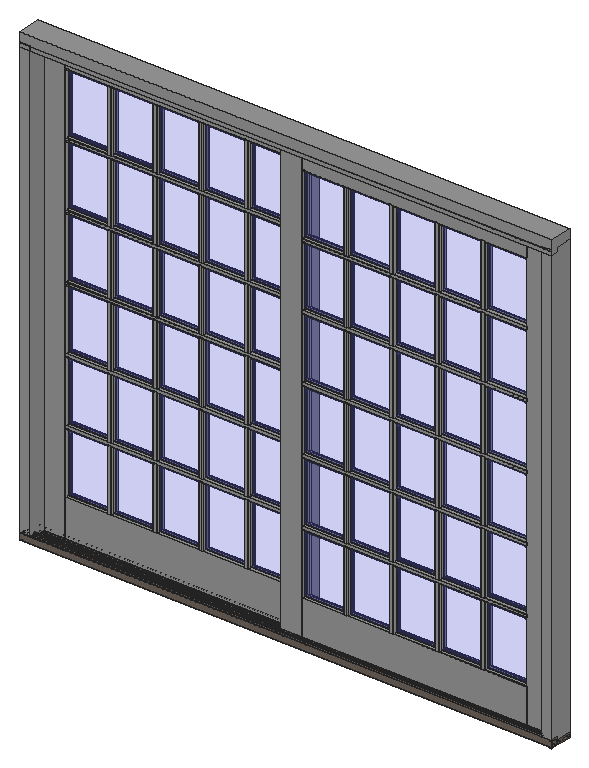
Revit family "VSDA2.4SP LH", category Doors, host Wall, Revit 2015 (continued)
Forms (mm)
  Sweep 61, solid, material "Lauan, Meranti"
    path origin (359.905, -121.5, -1375.763) x (1, 0, 0) y (0, 0, 1)
      loop
        line (315.695, 2740.763) -> (315.695, 2456.763) -> (513.395, 2456.763) -> (513.395, 2740.763) -> (315.695, 2740.763)
    profile origin (774.45, -121.5, 1365) x (0, 0, 1) y (0, -1, 0)
      loop
        line (-9, -124.5) -> (-9, -126.5) -> (-7, -126.5)
        arc (-7, -126.5) -> (-4.67, -130.866) -> (0, -132.5) r 6.807
        line (0, -132.5) -> (0, -124.5) -> (-9, -124.5)
  Sweep 62, solid, material "Lauan, Meranti"
    path origin (149.205, -121.5, -1375.763) x (1, 0, 0) y (0, 0, 1)
      loop
        line (315.695, 2740.763) -> (315.695, 2456.763) -> (513.395, 2456.763) -> (513.395, 2740.763) -> (315.695, 2740.763)
    profile origin (563.75, -121.5, 1365) x (0, 0, 1) y (0, -1, 0)
      loop
        line (-9, -124.5) -> (-9, -126.5) -> (-7, -126.5)
        arc (-7, -126.5) -> (-4.67, -130.866) -> (0, -132.5) r 6.807
        line (0, -132.5) -> (0, -124.5) -> (-9, -124.5)
  Sweep 63, solid, material "Lauan, Meranti"
    path origin (-61.495, -121.5, -1375.763) x (1, 0, 0) y (0, 0, 1)
      loop
        line (315.695, 2740.763) -> (315.695, 2456.763) -> (513.395, 2456.763) -> (513.395, 2740.763) -> (315.695, 2740.763)
    profile origin (353.05, -121.5, 1365) x (0, 0, 1) y (0, -1, 0)
      loop
        line (-9, -124.5) -> (-9, -126.5) -> (-7, -126.5)
        arc (-7, -126.5) -> (-4.67, -130.866) -> (0, -132.5) r 6.807
        line (0, -132.5) -> (0, -124.5) -> (-9, -124.5)
  Sweep 64, solid, material "Lauan, Meranti"
    path origin (-272.195, -121.5, -1375.763) x (1, 0, 0) y (0, 0, 1)
      loop
        line (315.695, 2740.763) -> (315.695, 2456.763) -> (513.395, 2456.763) -> (513.395, 2740.763) -> (315.695, 2740.763)
    profile origin (142.35, -121.5, 1365) x (0, 0, 1) y (0, -1, 0)
      loop
        line (-9, -124.5) -> (-9, -126.5) -> (-7, -126.5)
        arc (-7, -126.5) -> (-4.67, -130.866) -> (0, -132.5) r 6.807
        line (0, -132.5) -> (0, -124.5) -> (-9, -124.5)
  Sweep 65, solid, material "Lauan, Meranti"
    path origin (570.605, -121.5, -1672.763) x (1, 0, 0) y (0, 0, 1)
      loop
        line (315.695, 2740.763) -> (315.695, 2456.763) -> (513.395, 2456.763) -> (513.395, 2740.763) -> (315.695, 2740.763)
    profile origin (985.15, -121.5, 1068) x (0, 0, 1) y (0, -1, 0)
      loop
        line (-9, -124.5) -> (-9, -126.5) -> (-7, -126.5)
        arc (-7, -126.5) -> (-4.67, -130.866) -> (0, -132.5) r 6.807
        line (0, -132.5) -> (0, -124.5) -> (-9, -124.5)
  Extrusion 66, solid, material "Lauan, Meranti"
    sketch origin (315, -46.5, -891) x (1, 0, 0) y (0, 1, 0)
      loop
        line (558.3, 31) -> (571.3, 31) -> (571.3, 33)
        arc (571.3, 33) -> (575.97, 34.634) -> (578.3, 39) r 6.807
        line (578.3, 39) -> (580.3, 39) -> (580.3, 41) -> (571.3, 41) -> (571.3, 71) -> (558.3, 71) -> (558.3, 41) -> (549.3, 41) -> (549.3, 39) -> (551.3, 39)
        arc (551.3, 39) -> (553.63, 34.634) -> (558.3, 33) r 6.807
        line (558.3, 33) -> (558.3, 31)
      loop
        line (347.6, 31) -> (360.6, 31) -> (360.6, 33)
        arc (360.6, 33) -> (365.27, 34.634) -> (367.6, 39) r 6.807
        line (367.6, 39) -> (369.6, 39) -> (369.6, 41) -> (360.6, 41) -> (360.6, 71) -> (347.6, 71) -> (347.6, 41) -> (338.6, 41) -> (338.6, 39) -> (340.6, 39)
        arc (340.6, 39) -> (342.93, 34.634) -> (347.6, 33) r 6.807
        line (347.6, 33) -> (347.6, 31)
      loop
        line (136.9, 31) -> (149.9, 31) -> (149.9, 33)
        arc (149.9, 33) -> (154.57, 34.634) -> (156.9, 39) r 6.807
        line (156.9, 39) -> (158.9, 39) -> (158.9, 41) -> (149.9, 41) -> (149.9, 71) -> (136.9, 71) -> (136.9, 41) -> (127.9, 41) -> (127.9, 39) -> (129.9, 39)
        arc (129.9, 39) -> (132.23, 34.634) -> (136.9, 33) r 6.807
        line (136.9, 33) -> (136.9, 31)
      loop
        line (-73.8, 31) -> (-60.8, 31) -> (-60.8, 33)
        arc (-60.8, 33) -> (-56.13, 34.634) -> (-53.8, 39) r 6.807
        line (-53.8, 39) -> (-51.8, 39) -> (-51.8, 41) -> (-60.8, 41) -> (-60.8, 71) -> (-73.8, 71) -> (-73.8, 41) -> (-82.8, 41) -> (-82.8, 39) -> (-80.8, 39)
        arc (-80.8, 39) -> (-78.47, 34.634) -> (-73.8, 33) r 6.807
        line (-73.8, 33) -> (-73.8, 31)
    from 1675 to 1959
  Sweep 67, solid, material "Lauan, Meranti"
    path origin (359.905, -121.5, -1672.763) x (1, 0, 0) y (0, 0, 1)
      loop
        line (315.695, 2740.763) -> (315.695, 2456.763) -> (513.395, 2456.763) -> (513.395, 2740.763) -> (315.695, 2740.763)
    profile origin (774.45, -121.5, 1068) x (0, 0, 1) y (0, -1, 0)
      loop
        line (-9, -124.5) -> (-9, -126.5) -> (-7, -126.5)
        arc (-7, -126.5) -> (-4.67, -130.866) -> (0, -132.5) r 6.807
        line (0, -132.5) -> (0, -124.5) -> (-9, -124.5)
  Sweep 68, solid, material "Lauan, Meranti"
    path origin (149.205, -121.5, -1672.763) x (1, 0, 0) y (0, 0, 1)
      loop
        line (315.695, 2740.763) -> (315.695, 2456.763) -> (513.395, 2456.763) -> (513.395, 2740.763) -> (315.695, 2740.763)
    profile origin (563.75, -121.5, 1068) x (0, 0, 1) y (0, -1, 0)
      loop
        line (-9, -124.5) -> (-9, -126.5) -> (-7, -126.5)
        arc (-7, -126.5) -> (-4.67, -130.866) -> (0, -132.5) r 6.807
        line (0, -132.5) -> (0, -124.5) -> (-9, -124.5)
  Sweep 69, solid, material "Lauan, Meranti"
    path origin (-61.495, -121.5, -1672.763) x (1, 0, 0) y (0, 0, 1)
      loop
        line (315.695, 2740.763) -> (315.695, 2456.763) -> (513.395, 2456.763) -> (513.395, 2740.763) -> (315.695, 2740.763)
    profile origin (353.05, -121.5, 1068) x (0, 0, 1) y (0, -1, 0)
      loop
        line (-9, -124.5) -> (-9, -126.5) -> (-7, -126.5)
        arc (-7, -126.5) -> (-4.67, -130.866) -> (0, -132.5) r 6.807
        line (0, -132.5) -> (0, -124.5) -> (-9, -124.5)
  Sweep 70, solid, material "Lauan, Meranti"
    path origin (-272.195, -121.5, -1672.763) x (1, 0, 0) y (0, 0, 1)
      loop
        line (315.695, 2740.763) -> (315.695, 2456.763) -> (513.395, 2456.763) -> (513.395, 2740.763) -> (315.695, 2740.763)
    profile origin (142.35, -121.5, 1068) x (0, 0, 1) y (0, -1, 0)
      loop
        line (-9, -124.5) -> (-9, -126.5) -> (-7, -126.5)
        arc (-7, -126.5) -> (-4.67, -130.866) -> (0, -132.5) r 6.807
        line (0, -132.5) -> (0, -124.5) -> (-9, -124.5)
  Sweep 71, solid, material "Lauan, Meranti"
    path origin (570.605, -121.5, -1969.763) x (1, 0, 0) y (0, 0, 1)
      loop
        line (315.695, 2740.763) -> (315.695, 2456.763) -> (513.395, 2456.763) -> (513.395, 2740.763) -> (315.695, 2740.763)
    profile origin (985.15, -121.5, 771) x (0, 0, 1) y (0, -1, 0)
      loop
        line (-9, -124.5) -> (-9, -126.5) -> (-7, -126.5)
        arc (-7, -126.5) -> (-4.67, -130.866) -> (0, -132.5) r 6.807
        line (0, -132.5) -> (0, -124.5) -> (-9, -124.5)
  Extrusion 72, solid, material "Lauan, Meranti"
    sketch origin (315, -46.5, -1188) x (1, 0, 0) y (0, 1, 0)
      loop
        line (558.3, 31) -> (571.3, 31) -> (571.3, 33)
        arc (571.3, 33) -> (575.97, 34.634) -> (578.3, 39) r 6.807
        line (578.3, 39) -> (580.3, 39) -> (580.3, 41) -> (571.3, 41) -> (571.3, 71) -> (558.3, 71) -> (558.3, 41) -> (549.3, 41) -> (549.3, 39) -> (551.3, 39)
        arc (551.3, 39) -> (553.63, 34.634) -> (558.3, 33) r 6.807
        line (558.3, 33) -> (558.3, 31)
      loop
        line (347.6, 31) -> (360.6, 31) -> (360.6, 33)
        arc (360.6, 33) -> (365.27, 34.634) -> (367.6, 39) r 6.807
        line (367.6, 39) -> (369.6, 39) -> (369.6, 41) -> (360.6, 41) -> (360.6, 71) -> (347.6, 71) -> (347.6, 41) -> (338.6, 41) -> (338.6, 39) -> (340.6, 39)
        arc (340.6, 39) -> (342.93, 34.634) -> (347.6, 33) r 6.807
        line (347.6, 33) -> (347.6, 31)
      loop
        line (136.9, 31) -> (149.9, 31) -> (149.9, 33)
        arc (149.9, 33) -> (154.57, 34.634) -> (156.9, 39) r 6.807
        line (156.9, 39) -> (158.9, 39) -> (158.9, 41) -> (149.9, 41) -> (149.9, 71) -> (136.9, 71) -> (136.9, 41) -> (127.9, 41) -> (127.9, 39) -> (129.9, 39)
        arc (129.9, 39) -> (132.23, 34.634) -> (136.9, 33) r 6.807
        line (136.9, 33) -> (136.9, 31)
      loop
        line (-73.8, 31) -> (-60.8, 31) -> (-60.8, 33)
        arc (-60.8, 33) -> (-56.13, 34.634) -> (-53.8, 39) r 6.807
        line (-53.8, 39) -> (-51.8, 39) -> (-51.8, 41) -> (-60.8, 41) -> (-60.8, 71) -> (-73.8, 71) -> (-73.8, 41) -> (-82.8, 41) -> (-82.8, 39) -> (-80.8, 39)
        arc (-80.8, 39) -> (-78.47, 34.634) -> (-73.8, 33) r 6.807
        line (-73.8, 33) -> (-73.8, 31)
    from 1675 to 1959
  Sweep 73, solid, material "Lauan, Meranti"
    path origin (359.905, -121.5, -1969.763) x (1, 0, 0) y (0, 0, 1)
      loop
        line (315.695, 2740.763) -> (315.695, 2456.763) -> (513.395, 2456.763) -> (513.395, 2740.763) -> (315.695, 2740.763)
    profile origin (774.45, -121.5, 771) x (0, 0, 1) y (0, -1, 0)
      loop
        line (-9, -124.5) -> (-9, -126.5) -> (-7, -126.5)
        arc (-7, -126.5) -> (-4.67, -130.866) -> (0, -132.5) r 6.807
        line (0, -132.5) -> (0, -124.5) -> (-9, -124.5)
  Sweep 74, solid, material "Lauan, Meranti"
    path origin (149.205, -121.5, -1969.763) x (1, 0, 0) y (0, 0, 1)
      loop
        line (315.695, 2740.763) -> (315.695, 2456.763) -> (513.395, 2456.763) -> (513.395, 2740.763) -> (315.695, 2740.763)
    profile origin (563.75, -121.5, 771) x (0, 0, 1) y (0, -1, 0)
      loop
        line (-9, -124.5) -> (-9, -126.5) -> (-7, -126.5)
        arc (-7, -126.5) -> (-4.67, -130.866) -> (0, -132.5) r 6.807
        line (0, -132.5) -> (0, -124.5) -> (-9, -124.5)
  Sweep 75, solid, material "Lauan, Meranti"
    path origin (-61.495, -121.5, -1969.763) x (1, 0, 0) y (0, 0, 1)
      loop
        line (315.695, 2740.763) -> (315.695, 2456.763) -> (513.395, 2456.763) -> (513.395, 2740.763) -> (315.695, 2740.763)
    profile origin (353.05, -121.5, 771) x (0, 0, 1) y (0, -1, 0)
      loop
        line (-9, -124.5) -> (-9, -126.5) -> (-7, -126.5)
        arc (-7, -126.5) -> (-4.67, -130.866) -> (0, -132.5) r 6.807
        line (0, -132.5) -> (0, -124.5) -> (-9, -124.5)
  Sweep 76, solid, material "Lauan, Meranti"
    path origin (-272.195, -121.5, -1969.763) x (1, 0, 0) y (0, 0, 1)
      loop
        line (315.695, 2740.763) -> (315.695, 2456.763) -> (513.395, 2456.763) -> (513.395, 2740.763) -> (315.695, 2740.763)
    profile origin (142.35, -121.5, 771) x (0, 0, 1) y (0, -1, 0)
      loop
        line (-9, -124.5) -> (-9, -126.5) -> (-7, -126.5)
        arc (-7, -126.5) -> (-4.67, -130.866) -> (0, -132.5) r 6.807
        line (0, -132.5) -> (0, -124.5) -> (-9, -124.5)
  Sweep 77, solid, material "Lauan, Meranti"
    path origin (570.605, -121.5, -2266.763) x (1, 0, 0) y (0, 0, 1)
      loop
        line (315.695, 2740.763) -> (315.695, 2456.763) -> (513.395, 2456.763) -> (513.395, 2740.763) -> (315.695, 2740.763)
    profile origin (985.15, -121.5, 474) x (0, 0, 1) y (0, -1, 0)
      loop
        line (-9, -124.5) -> (-9, -126.5) -> (-7, -126.5)
        arc (-7, -126.5) -> (-4.67, -130.866) -> (0, -132.5) r 6.807
        line (0, -132.5) -> (0, -124.5) -> (-9, -124.5)
  Extrusion 78, solid, material "Lauan, Meranti"
    sketch origin (315, -46.5, -1485) x (1, 0, 0) y (0, 1, 0)
      loop
        line (558.3, 31) -> (571.3, 31) -> (571.3, 33)
        arc (571.3, 33) -> (575.97, 34.634) -> (578.3, 39) r 6.807
        line (578.3, 39) -> (580.3, 39) -> (580.3, 41) -> (571.3, 41) -> (571.3, 71) -> (558.3, 71) -> (558.3, 41) -> (549.3, 41) -> (549.3, 39) -> (551.3, 39)
        arc (551.3, 39) -> (553.63, 34.634) -> (558.3, 33) r 6.807
        line (558.3, 33) -> (558.3, 31)
      loop
        line (347.6, 31) -> (360.6, 31) -> (360.6, 33)
        arc (360.6, 33) -> (365.27, 34.634) -> (367.6, 39) r 6.807
        line (367.6, 39) -> (369.6, 39) -> (369.6, 41) -> (360.6, 41) -> (360.6, 71) -> (347.6, 71) -> (347.6, 41) -> (338.6, 41) -> (338.6, 39) -> (340.6, 39)
        arc (340.6, 39) -> (342.93, 34.634) -> (347.6, 33) r 6.807
        line (347.6, 33) -> (347.6, 31)
      loop
        line (136.9, 31) -> (149.9, 31) -> (149.9, 33)
        arc (149.9, 33) -> (154.57, 34.634) -> (156.9, 39) r 6.807
        line (156.9, 39) -> (158.9, 39) -> (158.9, 41) -> (149.9, 41) -> (149.9, 71) -> (136.9, 71) -> (136.9, 41) -> (127.9, 41) -> (127.9, 39) -> (129.9, 39)
        arc (129.9, 39) -> (132.23, 34.634) -> (136.9, 33) r 6.807
        line (136.9, 33) -> (136.9, 31)
      loop
        line (-73.8, 31) -> (-60.8, 31) -> (-60.8, 33)
        arc (-60.8, 33) -> (-56.13, 34.634) -> (-53.8, 39) r 6.807
        line (-53.8, 39) -> (-51.8, 39) -> (-51.8, 41) -> (-60.8, 41) -> (-60.8, 71) -> (-73.8, 71) -> (-73.8, 41) -> (-82.8, 41) -> (-82.8, 39) -> (-80.8, 39)
        arc (-80.8, 39) -> (-78.47, 34.634) -> (-73.8, 33) r 6.807
        line (-73.8, 33) -> (-73.8, 31)
    from 1675 to 1959
  Sweep 79, solid, material "Lauan, Meranti"
    path origin (359.905, -121.5, -2266.763) x (1, 0, 0) y (0, 0, 1)
      loop
        line (315.695, 2740.763) -> (315.695, 2456.763) -> (513.395, 2456.763) -> (513.395, 2740.763) -> (315.695, 2740.763)
    profile origin (774.45, -121.5, 474) x (0, 0, 1) y (0, -1, 0)
      loop
        line (-9, -124.5) -> (-9, -126.5) -> (-7, -126.5)
        arc (-7, -126.5) -> (-4.67, -130.866) -> (0, -132.5) r 6.807
        line (0, -132.5) -> (0, -124.5) -> (-9, -124.5)
  Sweep 80, solid, material "Lauan, Meranti"
    path origin (149.205, -121.5, -2266.763) x (1, 0, 0) y (0, 0, 1)
      loop
        line (315.695, 2740.763) -> (315.695, 2456.763) -> (513.395, 2456.763) -> (513.395, 2740.763) -> (315.695, 2740.763)
    profile origin (563.75, -121.5, 474) x (0, 0, 1) y (0, -1, 0)
      loop
        line (-9, -124.5) -> (-9, -126.5) -> (-7, -126.5)
        arc (-7, -126.5) -> (-4.67, -130.866) -> (0, -132.5) r 6.807
        line (0, -132.5) -> (0, -124.5) -> (-9, -124.5)
  Sweep 81, solid, material "Lauan, Meranti"
    path origin (-61.495, -121.5, -2266.763) x (1, 0, 0) y (0, 0, 1)
      loop
        line (315.695, 2740.763) -> (315.695, 2456.763) -> (513.395, 2456.763) -> (513.395, 2740.763) -> (315.695, 2740.763)
    profile origin (353.05, -121.5, 474) x (0, 0, 1) y (0, -1, 0)
      loop
        line (-9, -124.5) -> (-9, -126.5) -> (-7, -126.5)
        arc (-7, -126.5) -> (-4.67, -130.866) -> (0, -132.5) r 6.807
        line (0, -132.5) -> (0, -124.5) -> (-9, -124.5)
  Sweep 82, solid, material "Lauan, Meranti"
    path origin (-272.195, -121.5, -2266.763) x (1, 0, 0) y (0, 0, 1)
      loop
        line (315.695, 2740.763) -> (315.695, 2456.763) -> (513.395, 2456.763) -> (513.395, 2740.763) -> (315.695, 2740.763)
    profile origin (142.35, -121.5, 474) x (0, 0, 1) y (0, -1, 0)
      loop
        line (-9, -124.5) -> (-9, -126.5) -> (-7, -126.5)
        arc (-7, -126.5) -> (-4.67, -130.866) -> (0, -132.5) r 6.807
        line (0, -132.5) -> (0, -124.5) -> (-9, -124.5)
  Extrusion 83, solid, material "Glass"
    sketch origin (0, 1.934, 0) x (1, 0, 0) y (0, 0, 1)
      loop
        line (1084, 1959) -> (886.3, 1959) -> (886.3, 1675) -> (1084, 1675) -> (1084, 1959)
      loop
        line (873.3, 1959) -> (675.6, 1959) -> (675.6, 1675) -> (873.3, 1675) -> (873.3, 1959)
      loop
        line (662.59, 1958.988) -> (464.9, 1958.988) -> (464.9, 1675) -> (662.59, 1675) -> (662.59, 1958.988)
      loop
        line (451.9, 1959) -> (254.21, 1959) -> (254.21, 1675.012) -> (451.9, 1675.012) -> (451.9, 1959)
      loop
        line (241.2, 1959) -> (43.5, 1959) -> (43.5, 1675) -> (241.2, 1675) -> (241.2, 1959)
      loop
        line (1084, 1662) -> (886.3, 1662) -> (886.3, 1378) -> (1084, 1378) -> (1084, 1662)
      loop
        line (873.29, 1661.988) -> (675.61, 1661.988) -> (675.61, 1378.012) -> (873.29, 1378.012) -> (873.29, 1661.988)
      loop
        line (662.6, 1662) -> (464.9, 1662) -> (464.9, 1378) -> (662.6, 1378) -> (662.6, 1662)
      loop
        line (451.89, 1661.988) -> (254.21, 1661.988) -> (254.21, 1378.012) -> (451.89, 1378.012) -> (451.89, 1661.988)
      loop
        line (241.19, 1661.988) -> (43.5, 1661.988) -> (43.5, 1378) -> (241.19, 1378) -> (241.19, 1661.988)
      loop
        line (1084, 1365) -> (886.3, 1365) -> (886.3, 1081) -> (1084, 1081) -> (1084, 1365)
      loop
        line (873.3, 1365) -> (675.6, 1365) -> (675.6, 1081) -> (873.3, 1081) -> (873.3, 1365)
      loop
        line (662.6, 1365) -> (464.91, 1365) -> (464.91, 1081.012) -> (662.6, 1081.012) -> (662.6, 1365)
      loop
        line (451.9, 1365) -> (254.2, 1365) -> (254.2, 1081) -> (451.9, 1081) -> (451.9, 1365)
      loop
        line (241.2, 1365) -> (43.51, 1365) -> (43.51, 1081.012) -> (241.2, 1081.012) -> (241.2, 1365)
      loop
        line (1084, 1068) -> (886.3, 1068) -> (886.3, 784) -> (1084, 784) -> (1084, 1068)
      loop
        line (873.3, 1068) -> (675.6, 1068) -> (675.6, 784) -> (873.3, 784) -> (873.3, 1068)
      loop
        line (662.6, 1068) -> (464.9, 1068) -> (464.9, 784) -> (662.6, 784) -> (662.6, 1068)
      loop
        line (451.9, 1068) -> (254.21, 1068) -> (254.21, 784.012) -> (451.9, 784.012) -> (451.9, 1068)
      loop
        line (241.2, 1068) -> (43.5, 1068) -> (43.5, 784) -> (241.2, 784) -> (241.2, 1068)
      loop
        line (1084, 771) -> (886.3, 771) -> (886.3, 487) -> (1084, 487) -> (1084, 771)
      loop
        line (873.3, 771) -> (675.6, 771) -> (675.6, 487) -> (873.3, 487) -> (873.3, 771)
      loop
        line (662.6, 771) -> (464.9, 771) -> (464.9, 487) -> (662.6, 487) -> (662.6, 771)
      loop
        line (451.9, 771) -> (254.21, 771) -> (254.21, 487.012) -> (451.9, 487.012) -> (451.9, 771)
      loop
        line (241.2, 771) -> (43.5, 771) -> (43.5, 487) -> (241.2, 487) -> (241.2, 771)
      loop
        line (1084, 474) -> (886.3, 474) -> (886.3, 190) -> (1084, 190) -> (1084, 474)
      loop
        line (873.3, 474) -> (675.6, 474) -> (675.6, 190) -> (873.3, 190) -> (873.3, 474)
      loop
        line (662.6, 474) -> (464.9, 474) -> (464.9, 190) -> (662.6, 190) -> (662.6, 474)
      loop
        line (451.9, 474) -> (254.21, 474) -> (254.21, 190) -> (451.9, 190) -> (451.9, 474)
      loop
        line (241.2, 474) -> (43.5, 474) -> (43.5, 190) -> (241.2, 190) -> (241.2, 474)
    from 0 to 6.4
Cuts and joins
  joined: Extrusion 3, Extrusion 5
Lines and regions (mm)
  Opening 1
    outline origin (-5000, 75, 0) x (-1, 0, 0) y (0, 0, 1)
      loop
        line (-6225, 0) -> (-3775, 0) -> (-3775, 2100) -> (-6225, 2100) -> (-6225, 0)
  model lines
    curve 1: line (869.078, 99.5, 920) -> (529.078, 99.5, 920)
    curve 2: line (390, 99.5, 920) -> (529.078, 99.5, 976.191)
    curve 3: line (529.078, 99.5, 976.191) -> (529.078, 99.5, 863.809)
    curve 4: line (390, 99.5, 920) -> (529.078, 99.5, 863.809)
Text (mm)
  text "Exterior" at (-2295.016, 1099.543, 0), in view "Ref. Level"
  text "Exterior" at (0, 1615.38, 3698.081), in view "Left"
  text "Exterior" at (0, 1036.032, 3874.932), in view "Right"
Dimensions and locks
  equal spacing: plane 3 "Left", plane 2 "Center (Left/Right)", plane 4 "Right"
  "Width": plane 3 "Left" to plane 4 "Right"
  "Height": plane 5 to host wall
  host wall to plane 5 = 2100 mm  (x2)
  locked: plane 6 "Exterior" to host wall at 0
  locked: plane 7 "Interior" to host wall
  plane 3 "Left" to plane 4 "Right" = 2450 mm
  aligned and locked: plane 1 to host wall
  aligned and locked: Opening 1 sketch curve to level
  aligned and locked: Extrusion 1 to Extrusion 5
  aligned and locked: Extrusion 5 to Extrusion 1
  aligned and locked: Extrusion 1 to Extrusion 4
  aligned and locked: Extrusion 1 to Extrusion 3
  aligned and locked: Extrusion 2 to Extrusion 3
  aligned and locked: Extrusion 2 to Extrusion 4
  aligned and locked: Sweep 9 sketch curve to Extrusion 8
  aligned and locked: Extrusion 8 to Extrusion 10  (x2)
  aligned and locked: Extrusion 7 to Extrusion 8
  aligned and locked: Extrusion 7 to Extrusion 11
Automatic sketch dimensions
  plane 2 "Center (Left/Right)" to curve 2 = 390 mm
  curve 2 to curve 2 = 139.078 mm
  level to curve 4 = 863.809 mm
  curve 3 to curve 2 = 56.191 mm
  curve 3 to curve 3 = 112.382 mm
  curve 1 to curve 1 = 340 mm
  curve 1 to curve 2 = 56.191 mm
  plane 4 "Right" to Opening 1 sketch curve = 0 mm
  plane 3 "Left" to Opening 1 sketch curve = 0 mm
  Opening 1 sketch curve to plane 5 = 0 mm
  Extrusion 1 sketch curve to level = 0 mm
  level to Extrusion 1 sketch curve = 1 mm
  Extrusion 1 sketch curve to host wall = 22.5 mm
  Extrusion 1 sketch curve to Extrusion 1 sketch curve = 1 mm  (x7)
  Extrusion 1 sketch curve to Extrusion 1 sketch curve = 0.5 mm  (x8)
  Extrusion 1 sketch curve to Extrusion 1 sketch curve = 8.551 mm
  Extrusion 1 sketch curve to Extrusion 1 sketch curve = 0.717 mm  (x10)
  Extrusion 1 sketch curve to Extrusion 1 sketch curve = 1.732 mm  (x10)
  Extrusion 1 sketch curve to Extrusion 1 sketch curve = 0 mm  (x24)
  Extrusion 1 sketch curve to Extrusion 1 sketch curve = 3.101 mm  (x3)
  Extrusion 1 sketch curve to Extrusion 1 sketch curve = 6.351 mm
  Extrusion 1 sketch curve to Extrusion 1 sketch curve = 1.5 mm  (x15)
  Extrusion 1 sketch curve to Extrusion 1 sketch curve = 0.7 mm
  level to Extrusion 1 sketch curve = 1.5 mm  (x3)
  Extrusion 1 sketch curve to Extrusion 1 sketch curve = 1.2 mm  (x2)
  Extrusion 1 sketch curve to Extrusion 1 sketch curve = 8.248 mm
  host wall to Extrusion 1 sketch curve = 4.5 mm
  host wall to Extrusion 1 sketch curve = 1.5 mm  (x2)
  Extrusion 1 sketch curve to host wall = 1.817 mm
  Extrusion 1 sketch curve to Extrusion 1 sketch curve = 1.433 mm  (x3)
  Extrusion 1 sketch curve to host wall = 3.75 mm
  Extrusion 1 sketch curve to Extrusion 1 sketch curve = 1.25 mm  (x2)
  Extrusion 1 sketch curve to Extrusion 1 sketch curve = 3.317 mm
  Extrusion 1 sketch curve to Extrusion 1 sketch curve = 4.551 mm
  Extrusion 1 sketch curve to Extrusion 1 sketch curve = 10.551 mm
  Extrusion 1 sketch curve to Extrusion 1 sketch curve = 11 mm
  Extrusion 1 sketch curve to Extrusion 1 sketch curve = 14.5 mm
  Extrusion 1 sketch curve to Extrusion 1 sketch curve = 2 mm  (x5)
  Extrusion 1 sketch curve to Extrusion 1 sketch curve = 0.3 mm
  Extrusion 1 sketch curve to Extrusion 1 sketch curve = 2.5 mm
  Extrusion 1 sketch curve to Extrusion 1 sketch curve = 1.488 mm
  Extrusion 1 sketch curve to Extrusion 1 sketch curve = 1.012 mm
  Extrusion 1 sketch curve to Extrusion 1 sketch curve = 5.5 mm
  Extrusion 1 sketch curve to Extrusion 1 sketch curve = 9 mm
  plane 5 to Extrusion 2 sketch curve = 0 mm
  Extrusion 2 sketch curve to host wall = 22.5 mm
  Extrusion 2 sketch curve to Extrusion 2 sketch curve = 0 mm
  Extrusion 2 sketch curve to Extrusion 2 sketch curve = 3 mm  (x3)
  Extrusion 2 sketch curve to Extrusion 2 sketch curve = 22 mm
  Extrusion 2 sketch curve to Extrusion 2 sketch curve = 7 mm  (x2)
  Extrusion 2 sketch curve to host wall = 32.5 mm
  Extrusion 2 sketch curve to Extrusion 2 sketch curve = 20 mm
  plane 5 to Extrusion 2 sketch curve = 43 mm
  plane 5 to Extrusion 2 sketch curve = 45 mm
  Extrusion 2 sketch curve to Extrusion 2 sketch curve = 2 mm
  Extrusion 2 sketch curve to Extrusion 2 sketch curve = 13.5 mm
  Extrusion 2 sketch curve to Extrusion 2 sketch curve = 3.5 mm
  Extrusion 3 sketch curve to plane 4 "Right" = 0 mm
  Extrusion 3 sketch curve to plane 3 "Left" = 0 mm
  Extrusion 3 sketch curve to plane 4 "Right" = 43 mm
  host wall to Extrusion 3 sketch curve = 22.5 mm  (x3)
  Extrusion 3 sketch curve to Extrusion 3 sketch curve = 45 mm  (x2)
  Extrusion 3 sketch curve to Extrusion 3 sketch curve = 2 mm
  host wall to Extrusion 3 sketch curve = 32.5 mm  (x2)
  Extrusion 3 sketch curve to Extrusion 3 sketch curve = 20 mm
  Extrusion 4 sketch curve to plane 4 "Right" = 43 mm
  Extrusion 4 sketch curve to Extrusion 4 sketch curve = 3 mm  (x2)
  Extrusion 4 sketch curve to Extrusion 4 sketch curve = 15.5 mm
  Extrusion 4 sketch curve to Extrusion 4 sketch curve = 3.5 mm
  host wall to Extrusion 4 sketch curve = 32.5 mm
  Extrusion 4 sketch curve to Extrusion 4 sketch curve = 0 mm
  Extrusion 4 sketch curve to Extrusion 4 sketch curve = 7 mm
  Extrusion 4 sketch curve to Extrusion 4 sketch curve = 17 mm
  Extrusion 4 sketch curve to Extrusion 4 sketch curve = 13 mm
  Extrusion 5 sketch curve to plane 4 "Right" = 0 mm
  Extrusion 5 sketch curve to plane 3 "Left" = 0 mm
  Extrusion 5 sketch curve to Extrusion 5 sketch curve = 43 mm
  Extrusion 5 sketch curve to host wall = 19.5 mm  (x2)
  Extrusion 5 sketch curve to Extrusion 5 sketch curve = 45 mm
  plane 3 "Left" to Extrusion 5 sketch curve = 45 mm
  Extrusion 5 sketch curve to Extrusion 5 sketch curve = 2 mm
  host wall to Extrusion 5 sketch curve = 32.5 mm  (x2)
  Extrusion 5 sketch curve to Extrusion 5 sketch curve = 20 mm  (x2)
  Extrusion 6 sketch curve to host wall = 32.5 mm
  Extrusion 6 sketch curve to Extrusion 6 sketch curve = 0 mm
  Extrusion 6 sketch curve to Extrusion 6 sketch curve = 7 mm
  Extrusion 6 sketch curve to Extrusion 6 sketch curve = 17 mm
  Extrusion 6 sketch curve to Extrusion 6 sketch curve = 3 mm  (x3)
  plane 5 to Extrusion 6 sketch curve = 43 mm
  Extrusion 6 sketch curve to Extrusion 6 sketch curve = 15.5 mm
  Extrusion 6 sketch curve to Extrusion 6 sketch curve = 3.5 mm
  plane 4 "Right" to Extrusion 7 sketch curve = 45 mm
  host wall to Extrusion 7 sketch curve = 13.5 mm
  Extrusion 7 sketch curve to Extrusion 7 sketch curve = 96 mm
  Extrusion 7 sketch curve to Extrusion 7 sketch curve = 0 mm  (x3)
  Extrusion 7 sketch curve to Extrusion 7 sketch curve = 0.473 mm  (x6)
  Extrusion 7 sketch curve to Extrusion 7 sketch curve = 6.527 mm  (x4)
  Extrusion 7 sketch curve to Extrusion 7 sketch curve = 2 mm  (x8)
  host wall to Extrusion 7 sketch curve = 7.5 mm
  plane 2 "Center (Left/Right)" to Extrusion 7 sketch curve = 52.5 mm
  Extrusion 7 sketch curve to plane 2 "Center (Left/Right)" = 43.5 mm
  Extrusion 7 sketch curve to host wall = 4 mm  (x2)
  Extrusion 7 sketch curve to Extrusion 7 sketch curve = 9 mm
  Extrusion 7 sketch curve to host wall = 36 mm
  Extrusion 7 sketch curve to plane 3 "Left" = 150 mm
  Extrusion 7 sketch curve to plane 3 "Left" = 45 mm
  Extrusion 7 sketch curve to Extrusion 7 sketch curve = 30 mm
  Extrusion 7 sketch curve to Extrusion 7 sketch curve = 1.468 mm  (x4)
  Extrusion 7 sketch curve to host wall = 31 mm
  Extrusion 7 sketch curve to Extrusion 7 sketch curve = 6.5 mm
  Extrusion 7 sketch curve to host wall = 24.5 mm
  host wall to Extrusion 7 sketch curve = 5.5 mm
  host wall to Extrusion 7 sketch curve = 15.5 mm  (x2)
  Extrusion 8 sketch curve to host wall = 31 mm  (x7)
  Extrusion 8 sketch curve to Extrusion 8 sketch curve = 2 mm  (x28)
  Extrusion 8 sketch curve to Extrusion 8 sketch curve = 6 mm  (x12)
  Extrusion 8 sketch curve to Extrusion 8 sketch curve = 0.803 mm  (x9)
  Extrusion 8 sketch curve to Extrusion 8 sketch curve = 6.803 mm  (x3)
  Extrusion 8 sketch curve to Extrusion 8 sketch curve = 1.197 mm  (x8)
  Extrusion 8 sketch curve to host wall = 4 mm  (x7)
  plane 5 to Extrusion 8 sketch curve = 45 mm
  Extrusion 8 sketch curve to Extrusion 8 sketch curve = 96 mm
  Extrusion 8 sketch curve to Extrusion 8 sketch curve = 0 mm  (x6)
  Extrusion 8 sketch curve to Extrusion 8 sketch curve = 0.241 mm  (x12)
  Extrusion 8 sketch curve to Extrusion 8 sketch curve = 266 mm  (x5)
  Extrusion 8 sketch curve to Extrusion 8 sketch curve = 6.759 mm  (x6)
  Extrusion 8 sketch curve to Extrusion 8 sketch curve = 13 mm  (x5)
  level to Extrusion 8 sketch curve = 199 mm
  level to Extrusion 8 sketch curve = 19 mm
  Sweep 9 sketch curve to plane 3 "Left" = 338.7 mm
  Sweep 9 sketch curve to plane 3 "Left" = 141 mm
  Sweep 9 sketch curve to Sweep 9 sketch curve = 284 mm
  Sweep 9 sketch curve to profile plane = 0 mm
  Sweep 9 sketch curve to profile plane = 0.241 mm
  Sweep 9 sketch curve to Sweep 9 sketch curve = 6.759 mm
  Sweep 9 sketch curve to Sweep 9 sketch curve = 2 mm  (x2)
  Sweep 9 sketch curve to profile plane = 132.5 mm
  Sweep 9 sketch curve to Sweep 9 sketch curve = 6 mm
  host wall to Extrusion 10 sketch curve = 34 mm  (x2)
  plane 2 "Center (Left/Right)" to Extrusion 10 sketch curve = 232.2 mm
  Extrusion 10 sketch curve to Extrusion 10 sketch curve = 2 mm  (x15)
  Extrusion 10 sketch curve to Extrusion 10 sketch curve = 6.759 mm  (x8)
  host wall to Extrusion 10 sketch curve = 4 mm  (x4)
  Extrusion 10 sketch curve to Extrusion 10 sketch curve = 0.241 mm  (x12)
  Extrusion 10 sketch curve to Extrusion 10 sketch curve = 13 mm  (x6)
  Extrusion 10 sketch curve to Extrusion 10 sketch curve = 0 mm  (x4)
  host wall to Extrusion 10 sketch curve = 36 mm  (x2)
  Extrusion 10 sketch curve to Extrusion 10 sketch curve = 179.7 mm  (x3)
  Extrusion 10 sketch curve to Extrusion 10 sketch curve = 8 mm  (x2)
  Extrusion 10 sketch curve to Extrusion 10 sketch curve = 6 mm  (x8)
  Extrusion 10 sketch curve to Extrusion 10 sketch curve = 1.197 mm  (x5)
  host wall to Extrusion 11 sketch curve = 15.5 mm  (x7)
  Extrusion 11 sketch curve to Extrusion 11 sketch curve = 2 mm  (x28)
  host wall to Extrusion 11 sketch curve = 7.5 mm  (x12)
  host wall to Extrusion 11 sketch curve = 6.697 mm  (x12)
  Extrusion 11 sketch curve to Extrusion 11 sketch curve = 1.197 mm  (x8)
  Extrusion 11 sketch curve to host wall = 24.5 mm  (x7)
  plane 5 to Extrusion 11 sketch curve = 45 mm
  Extrusion 11 sketch curve to Extrusion 11 sketch curve = 96 mm
  Extrusion 11 sketch curve to Extrusion 11 sketch curve = 0 mm  (x6)
  Extrusion 11 sketch curve to Extrusion 11 sketch curve = 0.241 mm  (x12)
  Extrusion 11 sketch curve to Extrusion 11 sketch curve = 266 mm  (x5)
  Extrusion 11 sketch curve to Extrusion 11 sketch curve = 6.759 mm  (x6)
  Extrusion 11 sketch curve to Extrusion 11 sketch curve = 13 mm  (x5)
  level to Extrusion 11 sketch curve = 199 mm
  level to Extrusion 11 sketch curve = 19 mm
  Sweep 12 sketch curve to plane 3 "Left" = 549.4 mm
  Sweep 12 sketch curve to Sweep 12 sketch curve = 197.7 mm
  plane 5 to Sweep 12 sketch curve = 141 mm
  Sweep 12 sketch curve to Sweep 12 sketch curve = 284 mm
  Sweep 12 sketch curve to profile plane = 0 mm
  Sweep 12 sketch curve to profile plane = 0.241 mm
  Sweep 12 sketch curve to Sweep 12 sketch curve = 6.759 mm
  Sweep 12 sketch curve to Sweep 12 sketch curve = 2 mm  (x2)
  Sweep 12 sketch curve to profile plane = 132.5 mm
  Sweep 12 sketch curve to Sweep 12 sketch curve = 6 mm
  Sweep 13 sketch curve to plane 2 "Center (Left/Right)" = 464.9 mm
  Sweep 13 sketch curve to Sweep 13 sketch curve = 197.7 mm
  plane 5 to Sweep 13 sketch curve = 141 mm
  Sweep 13 sketch curve to Sweep 13 sketch curve = 284 mm
  Sweep 13 sketch curve to profile plane = 0 mm
  Sweep 13 sketch curve to profile plane = 0.241 mm
  Sweep 13 sketch curve to Sweep 13 sketch curve = 6.759 mm
  Sweep 13 sketch curve to Sweep 13 sketch curve = 2 mm  (x2)
  Sweep 13 sketch curve to profile plane = 132.5 mm
  Sweep 13 sketch curve to Sweep 13 sketch curve = 6 mm
  Sweep 14 sketch curve to plane 2 "Center (Left/Right)" = 254.2 mm
  Sweep 14 sketch curve to Sweep 14 sketch curve = 197.7 mm
  plane 5 to Sweep 14 sketch curve = 141 mm
  Sweep 14 sketch curve to Sweep 14 sketch curve = 284 mm
  Sweep 14 sketch curve to profile plane = 0 mm
  Sweep 14 sketch curve to profile plane = 0.241 mm
  Sweep 14 sketch curve to Sweep 14 sketch curve = 6.759 mm
  Sweep 14 sketch curve to Sweep 14 sketch curve = 2 mm  (x2)
  Sweep 14 sketch curve to profile plane = 132.5 mm
  Sweep 14 sketch curve to Sweep 14 sketch curve = 6 mm
  Sweep 15 sketch curve to plane 2 "Center (Left/Right)" = 43.5 mm
  Sweep 15 sketch curve to Sweep 15 sketch curve = 197.7 mm
  plane 5 to Sweep 15 sketch curve = 141 mm
  Sweep 15 sketch curve to Sweep 15 sketch curve = 284 mm
  Sweep 15 sketch curve to profile plane = 0 mm
  Sweep 15 sketch curve to profile plane = 0.241 mm
  Sweep 15 sketch curve to Sweep 15 sketch curve = 6.759 mm
  Sweep 15 sketch curve to Sweep 15 sketch curve = 2 mm  (x2)
  Sweep 15 sketch curve to profile plane = 132.5 mm
  Sweep 15 sketch curve to Sweep 15 sketch curve = 6 mm
  Sweep 16 sketch curve to plane 3 "Left" = 338.7 mm
  Sweep 16 sketch curve to plane 3 "Left" = 141 mm
  plane 5 to Sweep 16 sketch curve = 438 mm
  Sweep 16 sketch curve to Sweep 16 sketch curve = 284 mm
  Sweep 16 sketch curve to profile plane = 0 mm
  Sweep 16 sketch curve to profile plane = 0.241 mm
  Sweep 16 sketch curve to Sweep 16 sketch curve = 6.759 mm
  Sweep 16 sketch curve to Sweep 16 sketch curve = 2 mm  (x2)
  Sweep 16 sketch curve to profile plane = 132.5 mm
  Sweep 16 sketch curve to Sweep 16 sketch curve = 6 mm
  Extrusion 17 sketch curve to host wall = 34 mm  (x2)
  Extrusion 17 sketch curve to plane 2 "Center (Left/Right)" = 232.2 mm
  Extrusion 17 sketch curve to Extrusion 17 sketch curve = 2 mm  (x22)
  Extrusion 17 sketch curve to Extrusion 17 sketch curve = 6.759 mm  (x8)
  Extrusion 17 sketch curve to host wall = 4 mm  (x4)
  Extrusion 17 sketch curve to Extrusion 17 sketch curve = 0.241 mm  (x12)
  Extrusion 17 sketch curve to Extrusion 17 sketch curve = 13 mm  (x6)
  Extrusion 17 sketch curve to Extrusion 17 sketch curve = 0 mm  (x4)
  Extrusion 17 sketch curve to host wall = 36 mm  (x2)
  Extrusion 17 sketch curve to Extrusion 17 sketch curve = 179.7 mm  (x3)
  Extrusion 17 sketch curve to Extrusion 17 sketch curve = 1.197 mm  (x8)
  Sweep 18 sketch curve to plane 3 "Left" = 549.4 mm
  Sweep 18 sketch curve to Sweep 18 sketch curve = 197.7 mm
  plane 5 to Sweep 18 sketch curve = 438 mm
  Sweep 18 sketch curve to Sweep 18 sketch curve = 284 mm
  Sweep 18 sketch curve to profile plane = 0 mm
  Sweep 18 sketch curve to profile plane = 0.241 mm
  Sweep 18 sketch curve to Sweep 18 sketch curve = 6.759 mm
  Sweep 18 sketch curve to Sweep 18 sketch curve = 2 mm  (x2)
  Sweep 18 sketch curve to profile plane = 132.5 mm
  Sweep 18 sketch curve to Sweep 18 sketch curve = 6 mm
  Sweep 19 sketch curve to plane 2 "Center (Left/Right)" = 464.9 mm
  Sweep 19 sketch curve to Sweep 19 sketch curve = 197.7 mm
  plane 5 to Sweep 19 sketch curve = 438 mm
  Sweep 19 sketch curve to Sweep 19 sketch curve = 284 mm
  Sweep 19 sketch curve to profile plane = 0 mm
  Sweep 19 sketch curve to profile plane = 0.241 mm
  Sweep 19 sketch curve to Sweep 19 sketch curve = 6.759 mm
  Sweep 19 sketch curve to Sweep 19 sketch curve = 2 mm  (x2)
  Sweep 19 sketch curve to profile plane = 132.5 mm
  Sweep 19 sketch curve to Sweep 19 sketch curve = 6 mm
  Sweep 20 sketch curve to plane 2 "Center (Left/Right)" = 254.2 mm
  Sweep 20 sketch curve to Sweep 20 sketch curve = 197.7 mm
  plane 5 to Sweep 20 sketch curve = 438 mm
  Sweep 20 sketch curve to Sweep 20 sketch curve = 284 mm
  Sweep 20 sketch curve to profile plane = 0 mm
  Sweep 20 sketch curve to profile plane = 0.241 mm
  Sweep 20 sketch curve to Sweep 20 sketch curve = 6.759 mm
  Sweep 20 sketch curve to Sweep 20 sketch curve = 2 mm  (x2)
  Sweep 20 sketch curve to profile plane = 132.5 mm
  Sweep 20 sketch curve to Sweep 20 sketch curve = 6 mm
  Sweep 21 sketch curve to plane 2 "Center (Left/Right)" = 43.5 mm
  Sweep 21 sketch curve to Sweep 21 sketch curve = 197.7 mm
  plane 5 to Sweep 21 sketch curve = 438 mm
  Sweep 21 sketch curve to Sweep 21 sketch curve = 284 mm
  Sweep 21 sketch curve to profile plane = 0 mm
  Sweep 21 sketch curve to profile plane = 0.241 mm
  Sweep 21 sketch curve to Sweep 21 sketch curve = 6.759 mm
  Sweep 21 sketch curve to Sweep 21 sketch curve = 2 mm  (x2)
  Sweep 21 sketch curve to profile plane = 132.5 mm
  Sweep 21 sketch curve to Sweep 21 sketch curve = 6 mm
  Sweep 22 sketch curve to plane 3 "Left" = 338.7 mm
  Sweep 22 sketch curve to plane 3 "Left" = 141 mm
  plane 5 to Sweep 22 sketch curve = 735 mm
  Sweep 22 sketch curve to Sweep 22 sketch curve = 284 mm
  Sweep 22 sketch curve to profile plane = 0 mm
  Sweep 22 sketch curve to profile plane = 0.241 mm
  Sweep 22 sketch curve to Sweep 22 sketch curve = 6.759 mm
  Sweep 22 sketch curve to Sweep 22 sketch curve = 2 mm  (x2)
  Sweep 22 sketch curve to profile plane = 132.5 mm
  Sweep 22 sketch curve to Sweep 22 sketch curve = 6 mm
  Extrusion 23 sketch curve to host wall = 34 mm  (x2)
  Extrusion 23 sketch curve to plane 2 "Center (Left/Right)" = 232.2 mm
  Extrusion 23 sketch curve to Extrusion 23 sketch curve = 2 mm  (x22)
  Extrusion 23 sketch curve to Extrusion 23 sketch curve = 6.759 mm  (x8)
  Extrusion 23 sketch curve to host wall = 4 mm  (x4)
  Extrusion 23 sketch curve to Extrusion 23 sketch curve = 0.241 mm  (x12)
  Extrusion 23 sketch curve to Extrusion 23 sketch curve = 13 mm  (x6)
  Extrusion 23 sketch curve to Extrusion 23 sketch curve = 0 mm  (x4)
  Extrusion 23 sketch curve to host wall = 36 mm  (x2)
  Extrusion 23 sketch curve to Extrusion 23 sketch curve = 179.7 mm  (x3)
  Extrusion 23 sketch curve to Extrusion 23 sketch curve = 1.197 mm  (x8)
  Sweep 24 sketch curve to plane 3 "Left" = 549.4 mm
  Sweep 24 sketch curve to Sweep 24 sketch curve = 197.7 mm
  plane 5 to Sweep 24 sketch curve = 735 mm
  Sweep 24 sketch curve to Sweep 24 sketch curve = 284 mm
  Sweep 24 sketch curve to profile plane = 0 mm
  Sweep 24 sketch curve to profile plane = 0.241 mm
  Sweep 24 sketch curve to Sweep 24 sketch curve = 6.759 mm
  Sweep 24 sketch curve to Sweep 24 sketch curve = 2 mm  (x2)
  Sweep 24 sketch curve to profile plane = 132.5 mm
  Sweep 24 sketch curve to Sweep 24 sketch curve = 6 mm
  Sweep 25 sketch curve to plane 2 "Center (Left/Right)" = 464.9 mm
  Sweep 25 sketch curve to Sweep 25 sketch curve = 197.7 mm
  plane 5 to Sweep 25 sketch curve = 735 mm
  Sweep 25 sketch curve to Sweep 25 sketch curve = 284 mm
  Sweep 25 sketch curve to profile plane = 0 mm
  Sweep 25 sketch curve to profile plane = 0.241 mm
  Sweep 25 sketch curve to Sweep 25 sketch curve = 6.759 mm
  Sweep 25 sketch curve to Sweep 25 sketch curve = 2 mm  (x2)
  Sweep 25 sketch curve to profile plane = 132.5 mm
  Sweep 25 sketch curve to Sweep 25 sketch curve = 6 mm
  Sweep 26 sketch curve to plane 2 "Center (Left/Right)" = 254.2 mm
  Sweep 26 sketch curve to Sweep 26 sketch curve = 197.7 mm
  plane 5 to Sweep 26 sketch curve = 735 mm
  Sweep 26 sketch curve to Sweep 26 sketch curve = 284 mm
  Sweep 26 sketch curve to profile plane = 0 mm
  Sweep 26 sketch curve to profile plane = 0.241 mm
  Sweep 26 sketch curve to Sweep 26 sketch curve = 6.759 mm
  Sweep 26 sketch curve to Sweep 26 sketch curve = 2 mm  (x2)
  Sweep 26 sketch curve to profile plane = 132.5 mm
  Sweep 26 sketch curve to Sweep 26 sketch curve = 6 mm
  Sweep 27 sketch curve to plane 2 "Center (Left/Right)" = 43.5 mm
  Sweep 27 sketch curve to Sweep 27 sketch curve = 197.7 mm
  plane 5 to Sweep 27 sketch curve = 735 mm
  Sweep 27 sketch curve to Sweep 27 sketch curve = 284 mm
  Sweep 27 sketch curve to profile plane = 0 mm
  Sweep 27 sketch curve to profile plane = 0.241 mm
  Sweep 27 sketch curve to Sweep 27 sketch curve = 6.759 mm
  Sweep 27 sketch curve to Sweep 27 sketch curve = 2 mm  (x2)
  Sweep 27 sketch curve to profile plane = 132.5 mm
  Sweep 27 sketch curve to Sweep 27 sketch curve = 6 mm
  Sweep 28 sketch curve to plane 3 "Left" = 338.7 mm
  Sweep 28 sketch curve to plane 3 "Left" = 141 mm
  plane 5 to Sweep 28 sketch curve = 1032 mm
  Sweep 28 sketch curve to Sweep 28 sketch curve = 284 mm
  Sweep 28 sketch curve to profile plane = 0 mm
  Sweep 28 sketch curve to profile plane = 0.241 mm
  Sweep 28 sketch curve to Sweep 28 sketch curve = 6.759 mm
  Sweep 28 sketch curve to Sweep 28 sketch curve = 2 mm  (x2)
  Sweep 28 sketch curve to profile plane = 132.5 mm
  Sweep 28 sketch curve to Sweep 28 sketch curve = 6 mm
  Extrusion 29 sketch curve to host wall = 34 mm  (x2)
  Extrusion 29 sketch curve to plane 2 "Center (Left/Right)" = 232.2 mm
  Extrusion 29 sketch curve to Extrusion 29 sketch curve = 2 mm  (x22)
  Extrusion 29 sketch curve to Extrusion 29 sketch curve = 6.759 mm  (x8)
  Extrusion 29 sketch curve to host wall = 4 mm  (x4)
  Extrusion 29 sketch curve to Extrusion 29 sketch curve = 0.241 mm  (x12)
  Extrusion 29 sketch curve to Extrusion 29 sketch curve = 13 mm  (x6)
  Extrusion 29 sketch curve to Extrusion 29 sketch curve = 0 mm  (x4)
  Extrusion 29 sketch curve to host wall = 36 mm  (x2)
  Extrusion 29 sketch curve to Extrusion 29 sketch curve = 179.7 mm  (x3)
  Extrusion 29 sketch curve to Extrusion 29 sketch curve = 1.197 mm  (x8)
  Sweep 30 sketch curve to plane 3 "Left" = 549.4 mm
  Sweep 30 sketch curve to Sweep 30 sketch curve = 197.7 mm
  plane 5 to Sweep 30 sketch curve = 1032 mm
  Sweep 30 sketch curve to Sweep 30 sketch curve = 284 mm
  Sweep 30 sketch curve to profile plane = 0 mm
  Sweep 30 sketch curve to profile plane = 0.241 mm
  Sweep 30 sketch curve to Sweep 30 sketch curve = 6.759 mm
  Sweep 30 sketch curve to Sweep 30 sketch curve = 2 mm  (x2)
  Sweep 30 sketch curve to profile plane = 132.5 mm
  Sweep 30 sketch curve to Sweep 30 sketch curve = 6 mm
  Sweep 31 sketch curve to plane 2 "Center (Left/Right)" = 464.9 mm
  Sweep 31 sketch curve to Sweep 31 sketch curve = 197.7 mm
  plane 5 to Sweep 31 sketch curve = 1032 mm
  Sweep 31 sketch curve to Sweep 31 sketch curve = 284 mm
  Sweep 31 sketch curve to profile plane = 0 mm
  Sweep 31 sketch curve to profile plane = 0.241 mm
  Sweep 31 sketch curve to Sweep 31 sketch curve = 6.759 mm
  Sweep 31 sketch curve to Sweep 31 sketch curve = 2 mm  (x2)
  Sweep 31 sketch curve to profile plane = 132.5 mm
  Sweep 31 sketch curve to Sweep 31 sketch curve = 6 mm
  Sweep 32 sketch curve to plane 2 "Center (Left/Right)" = 254.2 mm
  Sweep 32 sketch curve to Sweep 32 sketch curve = 197.7 mm
  plane 5 to Sweep 32 sketch curve = 1032 mm
  Sweep 32 sketch curve to Sweep 32 sketch curve = 284 mm
  Sweep 32 sketch curve to profile plane = 0 mm
  Sweep 32 sketch curve to profile plane = 0.241 mm
  Sweep 32 sketch curve to Sweep 32 sketch curve = 6.759 mm
  Sweep 32 sketch curve to Sweep 32 sketch curve = 2 mm  (x2)
  Sweep 32 sketch curve to profile plane = 132.5 mm
  Sweep 32 sketch curve to Sweep 32 sketch curve = 6 mm
  Sweep 33 sketch curve to plane 2 "Center (Left/Right)" = 43.5 mm
  Sweep 33 sketch curve to Sweep 33 sketch curve = 197.7 mm
  plane 5 to Sweep 33 sketch curve = 1032 mm
  Sweep 33 sketch curve to Sweep 33 sketch curve = 284 mm
  Sweep 33 sketch curve to profile plane = 0 mm
  Sweep 33 sketch curve to profile plane = 0.241 mm
  Sweep 33 sketch curve to Sweep 33 sketch curve = 6.759 mm
  Sweep 33 sketch curve to Sweep 33 sketch curve = 2 mm  (x2)
  Sweep 33 sketch curve to profile plane = 132.5 mm
  Sweep 33 sketch curve to Sweep 33 sketch curve = 6 mm
  Sweep 34 sketch curve to plane 3 "Left" = 338.7 mm
  Sweep 34 sketch curve to plane 3 "Left" = 141 mm
  level to Sweep 34 sketch curve = 771 mm
  Sweep 34 sketch curve to Sweep 34 sketch curve = 284 mm
  Sweep 34 sketch curve to profile plane = 0 mm
  Sweep 34 sketch curve to profile plane = 0.241 mm
  Sweep 34 sketch curve to Sweep 34 sketch curve = 6.759 mm
  Sweep 34 sketch curve to Sweep 34 sketch curve = 2 mm  (x2)
  Sweep 34 sketch curve to profile plane = 132.5 mm
  Sweep 34 sketch curve to Sweep 34 sketch curve = 6 mm
  Extrusion 35 sketch curve to host wall = 34 mm  (x2)
  Extrusion 35 sketch curve to plane 2 "Center (Left/Right)" = 232.2 mm
  Extrusion 35 sketch curve to Extrusion 35 sketch curve = 2 mm  (x22)
  Extrusion 35 sketch curve to Extrusion 35 sketch curve = 6.759 mm  (x8)
  Extrusion 35 sketch curve to host wall = 4 mm  (x4)
  Extrusion 35 sketch curve to Extrusion 35 sketch curve = 0.241 mm  (x12)
  Extrusion 35 sketch curve to Extrusion 35 sketch curve = 13 mm  (x6)
  Extrusion 35 sketch curve to Extrusion 35 sketch curve = 0 mm  (x4)
  Extrusion 35 sketch curve to host wall = 36 mm  (x2)
  Extrusion 35 sketch curve to Extrusion 35 sketch curve = 179.7 mm  (x3)
  Extrusion 35 sketch curve to Extrusion 35 sketch curve = 1.197 mm  (x8)
  Sweep 36 sketch curve to plane 3 "Left" = 549.4 mm
  Sweep 36 sketch curve to Sweep 36 sketch curve = 197.7 mm
  level to Sweep 36 sketch curve = 771 mm
  Sweep 36 sketch curve to Sweep 36 sketch curve = 284 mm
  Sweep 36 sketch curve to profile plane = 0 mm
  Sweep 36 sketch curve to profile plane = 0.241 mm
  Sweep 36 sketch curve to Sweep 36 sketch curve = 6.759 mm
  Sweep 36 sketch curve to Sweep 36 sketch curve = 2 mm  (x2)
  Sweep 36 sketch curve to profile plane = 132.5 mm
  Sweep 36 sketch curve to Sweep 36 sketch curve = 6 mm
  Sweep 37 sketch curve to plane 2 "Center (Left/Right)" = 464.9 mm
  Sweep 37 sketch curve to Sweep 37 sketch curve = 197.7 mm
  level to Sweep 37 sketch curve = 771 mm
  Sweep 37 sketch curve to Sweep 37 sketch curve = 284 mm
  Sweep 37 sketch curve to profile plane = 0 mm
  Sweep 37 sketch curve to profile plane = 0.241 mm
  Sweep 37 sketch curve to Sweep 37 sketch curve = 6.759 mm
  Sweep 37 sketch curve to Sweep 37 sketch curve = 2 mm  (x2)
  Sweep 37 sketch curve to profile plane = 132.5 mm
  Sweep 37 sketch curve to Sweep 37 sketch curve = 6 mm
  Sweep 38 sketch curve to plane 2 "Center (Left/Right)" = 254.2 mm
  Sweep 38 sketch curve to Sweep 38 sketch curve = 197.7 mm
  level to Sweep 38 sketch curve = 771 mm
  Sweep 38 sketch curve to Sweep 38 sketch curve = 284 mm
  Sweep 38 sketch curve to profile plane = 0 mm
  Sweep 38 sketch curve to profile plane = 0.241 mm
  Sweep 38 sketch curve to Sweep 38 sketch curve = 6.759 mm
  Sweep 38 sketch curve to Sweep 38 sketch curve = 2 mm  (x2)
  Sweep 38 sketch curve to profile plane = 132.5 mm
  Sweep 38 sketch curve to Sweep 38 sketch curve = 6 mm
  Sweep 39 sketch curve to plane 2 "Center (Left/Right)" = 43.5 mm
  Sweep 39 sketch curve to Sweep 39 sketch curve = 197.7 mm
  level to Sweep 39 sketch curve = 771 mm
  Sweep 39 sketch curve to Sweep 39 sketch curve = 284 mm
  Sweep 39 sketch curve to profile plane = 0 mm
  Sweep 39 sketch curve to profile plane = 0.241 mm
  Sweep 39 sketch curve to Sweep 39 sketch curve = 6.759 mm
  Sweep 39 sketch curve to Sweep 39 sketch curve = 2 mm  (x2)
  Sweep 39 sketch curve to profile plane = 132.5 mm
  Sweep 39 sketch curve to Sweep 39 sketch curve = 6 mm
  Sweep 40 sketch curve to plane 3 "Left" = 338.7 mm
  Sweep 40 sketch curve to plane 3 "Left" = 141 mm
  level to Sweep 40 sketch curve = 474 mm
  level to Sweep 40 sketch curve = 190 mm
  Sweep 40 sketch curve to profile plane = 0 mm
  Sweep 40 sketch curve to profile plane = 0.241 mm
  Sweep 40 sketch curve to Sweep 40 sketch curve = 6.759 mm
  Sweep 40 sketch curve to Sweep 40 sketch curve = 2 mm  (x2)
  Sweep 40 sketch curve to profile plane = 132.5 mm
  Sweep 40 sketch curve to Sweep 40 sketch curve = 6 mm
  Extrusion 41 sketch curve to host wall = 34 mm  (x2)
  Extrusion 41 sketch curve to plane 2 "Center (Left/Right)" = 232.2 mm
  Extrusion 41 sketch curve to Extrusion 41 sketch curve = 2 mm  (x22)
  Extrusion 41 sketch curve to Extrusion 41 sketch curve = 6.759 mm  (x8)
  Extrusion 41 sketch curve to host wall = 4 mm  (x4)
  Extrusion 41 sketch curve to Extrusion 41 sketch curve = 0.241 mm  (x12)
  Extrusion 41 sketch curve to Extrusion 41 sketch curve = 13 mm  (x6)
  Extrusion 41 sketch curve to Extrusion 41 sketch curve = 0 mm  (x4)
  Extrusion 41 sketch curve to host wall = 36 mm  (x2)
  Extrusion 41 sketch curve to Extrusion 41 sketch curve = 179.7 mm  (x3)
  Extrusion 41 sketch curve to Extrusion 41 sketch curve = 1.197 mm  (x8)
  level to Sweep 42 sketch curve = 190 mm
  Sweep 42 sketch curve to plane 3 "Left" = 549.4 mm
  Sweep 42 sketch curve to Sweep 42 sketch curve = 197.7 mm
  Sweep 42 sketch curve to Sweep 42 sketch curve = 284 mm
  Sweep 42 sketch curve to profile plane = 0 mm
  Sweep 42 sketch curve to profile plane = 0.241 mm
  Sweep 42 sketch curve to Sweep 42 sketch curve = 6.759 mm
  Sweep 42 sketch curve to Sweep 42 sketch curve = 2 mm  (x2)
  Sweep 42 sketch curve to profile plane = 132.5 mm
  Sweep 42 sketch curve to Sweep 42 sketch curve = 6 mm
  level to Sweep 43 sketch curve = 190 mm
  Sweep 43 sketch curve to plane 2 "Center (Left/Right)" = 464.9 mm
  Sweep 43 sketch curve to Sweep 43 sketch curve = 197.7 mm
  Sweep 43 sketch curve to Sweep 43 sketch curve = 284 mm
  Sweep 43 sketch curve to profile plane = 0 mm
  Sweep 43 sketch curve to profile plane = 0.241 mm
  Sweep 43 sketch curve to Sweep 43 sketch curve = 6.759 mm
  Sweep 43 sketch curve to Sweep 43 sketch curve = 2 mm  (x2)
  Sweep 43 sketch curve to profile plane = 132.5 mm
  Sweep 43 sketch curve to Sweep 43 sketch curve = 6 mm
  Sweep 44 sketch curve to plane 2 "Center (Left/Right)" = 254.2 mm
  Sweep 44 sketch curve to Sweep 44 sketch curve = 197.7 mm
  level to Sweep 44 sketch curve = 474 mm
  level to Sweep 44 sketch curve = 190 mm
  Sweep 44 sketch curve to profile plane = 0 mm
  Sweep 44 sketch curve to profile plane = 0.241 mm
  Sweep 44 sketch curve to Sweep 44 sketch curve = 6.759 mm
  Sweep 44 sketch curve to Sweep 44 sketch curve = 2 mm  (x2)
  Sweep 44 sketch curve to profile plane = 132.5 mm
  Sweep 44 sketch curve to Sweep 44 sketch curve = 6 mm
  Sweep 45 sketch curve to plane 2 "Center (Left/Right)" = 43.5 mm
  Sweep 45 sketch curve to Sweep 45 sketch curve = 197.7 mm
  level to Sweep 45 sketch curve = 474 mm
  level to Sweep 45 sketch curve = 190 mm
  Sweep 45 sketch curve to profile plane = 0 mm
  Sweep 45 sketch curve to profile plane = 0.241 mm
  Sweep 45 sketch curve to Sweep 45 sketch curve = 6.759 mm
  Sweep 45 sketch curve to Sweep 45 sketch curve = 2 mm  (x2)
  Sweep 45 sketch curve to profile plane = 132.5 mm
  Sweep 45 sketch curve to Sweep 45 sketch curve = 6 mm
  Extrusion 46 sketch curve to plane 2 "Center (Left/Right)" = 43.5 mm  (x2)
  Extrusion 46 sketch curve to Extrusion 46 sketch curve = 0 mm  (x35)
  Extrusion 46 sketch curve to Extrusion 46 sketch curve = 0.01 mm  (x5)
  Extrusion 46 sketch curve to Extrusion 46 sketch curve = 197.69 mm  (x6)
  Extrusion 46 sketch curve to Extrusion 46 sketch curve = 197.7 mm  (x6)
  Extrusion 46 sketch curve to Extrusion 46 sketch curve = 13 mm  (x25)
  Extrusion 46 sketch curve to Extrusion 46 sketch curve = 13.01 mm  (x8)
  Extrusion 46 sketch curve to Extrusion 46 sketch curve = 197.681 mm  (x2)
  Extrusion 46 sketch curve to plane 3 "Left" = 141 mm  (x4)
  plane 5 to Extrusion 46 sketch curve = 141 mm  (x2)
  Extrusion 46 sketch curve to Extrusion 46 sketch curve = 0.012 mm  (x12)
  Extrusion 46 sketch curve to Extrusion 46 sketch curve = 283.988 mm  (x4)
  Extrusion 46 sketch curve to Extrusion 46 sketch curve = 284 mm  (x3)
  Extrusion 46 sketch curve to Extrusion 46 sketch curve = 13.012 mm  (x2)
  Extrusion 46 sketch curve to Extrusion 46 sketch curve = 283.977 mm
  level to Extrusion 46 sketch curve = 190 mm  (x3)
  plane 4 "Right" to Sweep 47 sketch curve = 338.7 mm
  plane 4 "Right" to Sweep 47 sketch curve = 141 mm
  plane 5 to Sweep 47 sketch curve = 425 mm
  plane 5 to Sweep 47 sketch curve = 141 mm
  profile plane to Sweep 47 sketch curve = 0 mm
  profile plane to Sweep 47 sketch curve = 0.241 mm
  Sweep 47 sketch curve to Sweep 47 sketch curve = 6.759 mm
  Sweep 47 sketch curve to Sweep 47 sketch curve = 2 mm  (x2)
  Sweep 47 sketch curve to profile plane = 132.5 mm
  Sweep 47 sketch curve to Sweep 47 sketch curve = 6 mm
  host wall to Extrusion 48 sketch curve = 5.5 mm  (x4)
  plane 2 "Center (Left/Right)" to Extrusion 48 sketch curve = 232.2 mm
  Extrusion 48 sketch curve to Extrusion 48 sketch curve = 2 mm  (x16)
  Extrusion 48 sketch curve to Extrusion 48 sketch curve = 6.759 mm  (x8)
  Extrusion 48 sketch curve to Extrusion 48 sketch curve = 0.241 mm  (x12)
  Extrusion 48 sketch curve to Extrusion 48 sketch curve = 13 mm  (x6)
  Extrusion 48 sketch curve to Extrusion 48 sketch curve = 0 mm  (x3)
  host wall to Extrusion 48 sketch curve = 7.5 mm  (x4)
  Extrusion 48 sketch curve to Extrusion 48 sketch curve = 179.7 mm  (x3)
  Extrusion 48 sketch curve to Extrusion 48 sketch curve = 8 mm  (x4)
  host wall to Extrusion 48 sketch curve = 13.5 mm
  Extrusion 48 sketch curve to Extrusion 48 sketch curve = 6 mm  (x2)
  Extrusion 48 sketch curve to Extrusion 48 sketch curve = 1.197 mm  (x4)
  Extrusion 48 sketch curve to host wall = 24.5 mm  (x4)
  plane 4 "Right" to Sweep 49 sketch curve = 549.4 mm
  Sweep 49 sketch curve to Sweep 49 sketch curve = 197.7 mm
  plane 5 to Sweep 49 sketch curve = 425 mm
  plane 5 to Sweep 49 sketch curve = 141 mm
  profile plane to Sweep 49 sketch curve = 0 mm
  profile plane to Sweep 49 sketch curve = 0.241 mm
  Sweep 49 sketch curve to Sweep 49 sketch curve = 6.759 mm
  Sweep 49 sketch curve to Sweep 49 sketch curve = 2 mm  (x2)
  Sweep 49 sketch curve to profile plane = 132.5 mm
  Sweep 49 sketch curve to Sweep 49 sketch curve = 6 mm
  plane 2 "Center (Left/Right)" to Sweep 50 sketch curve = 464.9 mm
  Sweep 50 sketch curve to Sweep 50 sketch curve = 197.7 mm
  plane 5 to Sweep 50 sketch curve = 425 mm
  plane 5 to Sweep 50 sketch curve = 141 mm
  profile plane to Sweep 50 sketch curve = 0 mm
  profile plane to Sweep 50 sketch curve = 0.241 mm
  Sweep 50 sketch curve to Sweep 50 sketch curve = 6.759 mm
  Sweep 50 sketch curve to Sweep 50 sketch curve = 2 mm  (x2)
  Sweep 50 sketch curve to profile plane = 132.5 mm
  Sweep 50 sketch curve to Sweep 50 sketch curve = 6 mm
  plane 2 "Center (Left/Right)" to Sweep 51 sketch curve = 254.2 mm
  Sweep 51 sketch curve to Sweep 51 sketch curve = 197.7 mm
  plane 5 to Sweep 51 sketch curve = 425 mm
  plane 5 to Sweep 51 sketch curve = 141 mm
  profile plane to Sweep 51 sketch curve = 0 mm
  profile plane to Sweep 51 sketch curve = 0.241 mm
  Sweep 51 sketch curve to Sweep 51 sketch curve = 6.759 mm
